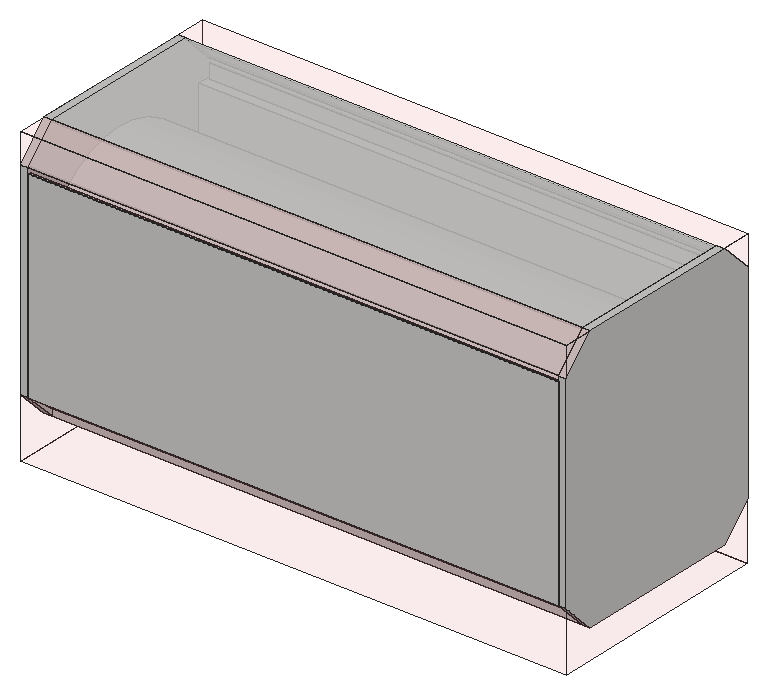
Revit family "Air-Curtain_Climate-Control_PoweredAire_ECE-E", category Mechanical Equipment, host Face, Revit 2020
Family settings
  Host = Face
  Round Connector Dimension = Use Diameter
  Part Type = Normal
  OmniClass Number = 23.75.35.17.21
  OmniClass Title = Air Curtains
  Cut with Voids When Loaded = No
  Shared = No
  Room Calculation Point = No
Parameters
  Warranty Duration (Years) = 0
  Unit Width Notes = "Other Widths available."  # constant formula
  Unit Width = 3' - 0"
  Unit Weight = 0
  Unit Height = 1' - 3"
  Unit Depth = 1' - 5 1/2"
  URL = "http://www.poweredaire.com/"
  Test Data = ""
  Temperature Rise_Range = "as Specified"
  Standards Conformance = "as Specified"
  Specification = "http://www.arcat.com/sdspecs/htm04/23_34_33pai.htm"
  SpecWizard = ""
  Sound Pressure = "as Specified"
  Sales Information = "http://www.poweredaire.com/contact_us"
  Revision = "R1_2016-08"
  Projection from Host [instance] = 0' - 2"
  Product Properties = ""
  Product Data = "http://www.arcat.com/arcatcos/cos47/arc47623.html"
  Power Rating = 0 W
  Outlet Volume_Range = "as Specified"
  Outlet Velocity_Range = "as Specified"
  Nozzle Width = if(1 = 1, Unit Width - 0' 1", 0' 0")  # 2' - 11"
  Mounting Width = if(1 = 1, Unit Width - 0' 0 15/16", 0' 0")  # 2' - 11 1/16"
  Mounting Height [instance] = 3' - 6"
  Motor RPM = 0
  Motor HP = 0
  Motor Count = 0
  Model = "As Specified"
  Max Height = 0' - 0"
  Manufacturer Website = "http://www.poweredaire.com/"
  Manufacturer Phone - Toll Free = "888-321-2473"
  Manufacturer Phone = "724-588-3305"
  Manufacturer Fax = "724-588-3371"
  Manufacturer Address = "109 Mortensen Rd.  Greenville, PA 16125"
  Manufacturer = "Powered Aire, Inc"
  Maintenance Schedule (Months) = 0
  Keynote = "23 34 33"
  Installation-Fabrication = ""
  Installation Phase = ""
  Include Clearance [instance] = yes
  Heating Element Load = 0 W
  HVAC_Temperature Rise [instance] = 0 °F
  HVAC_Outlet Volume [instance] = 0 CFM
  HVAC_Outlet Velocity Uniformity = 0
  HVAC_Outlet Velocity [instance] = 0 FPM
  Green Building-LEED = "http://www.arcat.com/green/clients/leed_data_47623.html"
  Front Grating Material [instance] = Metal - Steel - PoweredAire - Stainless 304 Perforated
  Frame Finish [instance] = Metal - Steel - PoweredAire - Stainless 304
  Expected Lifespan (Years) = 0
  Electrical_Wattage [instance] = Power Rating + Heating Element Load  # 0 W
  Electrical_Voltage [instance] = 0 V
  Electrical_Phase [instance] = 1
  Electrical_Frequency [instance] = 0 Hz
  Electrical_Amperage [instance] = 0 A
  Drawn By = "Sumex Design, Inc. / Robert S. Weygant, CSI, CDT, SCIP"
  Description = "Powered Aire Air Curtain as Specified"
  Default Elevation = 0' - 0"  # constant formula
  Copyright = "©Arcat Inc."
  Construction Details = "http://www.arcat.com/details/powair/prod3336.html"
  Clearance_Top [instance] = 0' - 0"
  Clearance_Side B [instance] = 0' - 0"
  Clearance_Side A [instance] = 0' - 0"
  Clearance_Intake [instance] = 0' - 0"
  Clearance_Bottom [instance] = 0' - 0"
  Clearance Material [instance] = ARCAT Clearance
  Building Codes = ""
  Available Options [instance] = "as Specified"
  Assembly Code = "D3090400"
Reference planes (in)
  plane 1 "Center (Elevation)": y = 0.13818
  plane 2: z = 0
  plane 3 "Center (Left/Right)": x = 0
  plane 4: y = 7.63818
  plane 5: y = -7.36182
  plane 6: x = -18
  plane 7: x = 18
  plane 8: z = 19.5
  plane 9 "FF": y = -41.86182
  plane 10: z = 2
  plane 11: x = 17.5
  plane 12: x = -17.5
  plane 13: y = 7.63818
  plane 14: y = -7.36182
  plane 15: x = -18
  plane 16: x = 18
  plane 17: z = 19.5
Forms (in)
  Extrusion 1, solid, material "Metal - Steel - PoweredAire - Stainless 304" <- "Frame Finish"
    sketch origin (0, 0, 0) x (0, 1, 0) y (0, 0, 1)
      loop
        line (5.69363, 2) -> (7.63818, 3.94454) -> (7.63818, 17.55546) -> (5.69363, 19.5) -> (-5.41728, 19.5) -> (-7.36182, 17.55546) -> (-7.36182, 3.94454) -> (-5.41728, 2) -> (5.69363, 2)
    from 17.5 to 18
  Extrusion 2, solid, material "Metal - Steel - PoweredAire - Stainless 304" <- "Frame Finish"
    sketch origin (0, 0, -0.5) x (0, 1, 0) y (0, 0, 1)
      loop
        circle (0.13818, 10.9739) r 6.25
      loop
        line (6.63818, 16.89427) -> (6.63818, 5.87829) -> (7.33849, 5.87829) -> (7.33849, 16.89427) -> (6.63818, 16.89427)
      loop
        line (-7.02798, 16.76927) -> (-7.02798, 5.75329) -> (-6.36182, 5.75329) -> (-6.36182, 16.76927) -> (-7.02798, 16.76927)
    from -17.5 to 17.5
  Extrusion 3, solid, material "Metal - Steel - PoweredAire - Stainless 304" <- "Frame Finish"
    sketch origin (0, 0, 0) x (0, 1, 0) y (0, 0, -1)
      loop
        line (5.69363, -2) -> (-5.41728, -2) -> (-7.36182, -3.94454) -> (-7.36182, -17.55546) -> (-5.41728, -19.5) -> (5.69363, -19.5) -> (7.63818, -17.55546) -> (7.63818, -3.94454) -> (5.69363, -2)
    from 17.5 to 18
  Extrusion 4, solid, material "Metal - Steel - PoweredAire - Stainless 304" <- "Frame Finish"
    sketch origin (0, 0, 0) x (0, 1, 0) y (0, 0, 1)
      loop
        line (-5.41728, 2) -> (5.69363, 2) -> (7.63818, 3.94454) -> (7.63818, 17.19454) -> (7.51318, 17.19454) -> (7.51318, 3.99632) -> (5.64186, 2.125) -> (-5.29228, 2.125) -> (-5.29228, 4.06954) -> (-7.23682, 4.06954) -> (-7.23682, 17.19454) -> (-7.36182, 17.19454) -> (-7.36182, 3.94454) -> (-5.41728, 3.94454) -> (-5.41728, 2)
      loop
        line (-6.64819, 3.61034) -> (-5.8702, 2.83235) -> (-5.74472, 2.95783) -> (-6.52271, 3.73583) -> (-6.64819, 3.61034)
    from -17.5 to 17.5
  Extrusion 5, solid, material "Metal - Steel - PoweredAire - Stainless 304 Perforated" <- "Front Grating Material"
    sketch origin (0, 0, 0) x (0, 1, 0) y (0, 0, 1)
      loop
        line (-7.36182, 17.19454) -> (-7.23682, 17.19454) -> (-7.23682, 17.50368) -> (-5.3655, 19.375) -> (5.64186, 19.375) -> (7.51318, 17.50368) -> (7.51318, 17.19454) -> (7.63818, 17.19454) -> (7.63818, 17.55546) -> (5.69363, 19.5) -> (-5.41728, 19.5) -> (-7.36182, 17.55546) -> (-7.36182, 17.19454)
    from -17.5 to 17.5
  Extrusion 6, solid, material "ARCAT Clearance" <- "Clearance Material", visible <- "Include Clearance"
    sketch origin (0, 0, 0) x (0, 1, 0) y (0, 0, 1)
      loop
        line (-7.36182, 19.5) -> (-7.36182, 0) -> (7.63818, 0) -> (7.63818, 19.5) -> (-7.36182, 19.5)
    from -18 to 18
Dimensions and locks (in)
  equal spacing: plane 4, plane 1 "Center (Elevation)", plane 5
  "Unit Height": plane 4 to plane 5
  equal spacing: plane 6, plane 3 "Center (Left/Right)", plane 7
  "Unit Width": plane 6 to plane 7
  "Mounting Height": plane 1 "Center (Elevation)" to plane 9 "FF"
  "Projection from Host": plane 10 to level
  "Unit Depth": plane 8 to plane 10
  locked: plane 6 to plane 12 at 0.5
  locked: plane 11 to plane 7 at 0.5
  "Clearance_Side A": plane 7 to plane 16
  "Clearance_Side B": plane 15 to plane 6
  "Clearance_Top": plane 13 to plane 4
  "Clearance_Bottom": plane 5 to plane 14
  "Clearance_Intake": plane 17 to plane 8
  aligned and locked: plane 2 to host face
  aligned and locked: level to host face
  aligned and locked: plane 7 to Extrusion 1
  aligned and locked: Extrusion 1 to plane 11
  aligned and locked: plane 12 to Extrusion 3
  aligned and locked: Extrusion 3 to plane 6
  aligned and locked: Extrusion 2 to plane 12
  aligned and locked: plane 11 to Extrusion 2
  aligned and locked: plane 11 to Extrusion 4
  aligned and locked: Extrusion 4 to plane 12
  aligned and locked: plane 11 to Extrusion 5
  aligned and locked: Extrusion 5 to plane 12
  aligned and locked: Extrusion 6 sketch curve to plane 17
  aligned and locked: plane 14 to Extrusion 6 sketch curve
  aligned and locked: level to Extrusion 6 sketch curve
  aligned and locked: Extrusion 6 sketch curve to plane 13
  aligned and locked: plane 16 to Extrusion 6
  aligned and locked: Extrusion 6 to plane 15
Automatic sketch dimensions
  host sketch curve to host sketch curve = 8' - 0"  (x2)
  Extrusion 1 sketch curve to plane 5 = 0' - 0"
  Extrusion 1 sketch curve to plane 8 = 0' - 0"
  Extrusion 1 sketch curve to plane 10 = 0' - 0"
  Extrusion 1 sketch curve to plane 4 = 0' - 0"
  plane 5 to Extrusion 1 sketch curve = 0' - 1.94454"  (x2)
  Extrusion 1 sketch curve to plane 4 = 0' - 1.94454"  (x2)
  plane 10 to Extrusion 1 sketch curve = 0' - 1.94454"  (x2)
  Extrusion 1 sketch curve to plane 8 = 0' - 1.94454"  (x2)
  Extrusion 2 sketch curve to plane 1 "Center (Elevation)" = 0' - 0"
  plane 5 to Extrusion 2 sketch curve = 0' - 1"
  plane 5 to Extrusion 2 sketch curve = 0' - 0.33384"
  Extrusion 2 sketch curve to plane 4 = 0' - 1"
  Extrusion 2 sketch curve to plane 4 = 0' - 0.29969"
  plane 10 to Extrusion 2 sketch curve = 0' - 3.37829"
  plane 10 to Extrusion 2 sketch curve = 0' - 3.25329"
  Extrusion 2 sketch curve to plane 8 = 0' - 9.0261"
  Extrusion 2 sketch curve to plane 8 = 0' - 3.23073"
  Extrusion 2 sketch curve to plane 8 = 0' - 3.10573"
  Extrusion 3 sketch curve to plane 5 = 0' - 0"
  Extrusion 3 sketch curve to plane 8 = 0' - 0"
  Extrusion 3 sketch curve to plane 10 = 0' - 0"
  Extrusion 3 sketch curve to plane 4 = 0' - 0"
  plane 5 to Extrusion 3 sketch curve = 0' - 1.94454"  (x2)
  Extrusion 3 sketch curve to plane 4 = 0' - 1.94454"  (x2)
  Extrusion 3 sketch curve to plane 8 = 0' - 1.94454"  (x2)
  plane 10 to Extrusion 3 sketch curve = 0' - 1.94454"  (x2)
  Extrusion 4 sketch curve to plane 5 = 0' - 0"
  Extrusion 4 sketch curve to plane 10 = 0' - 0"
  Extrusion 4 sketch curve to plane 4 = 0' - 0"
  plane 5 to Extrusion 4 sketch curve = 0' - 0 1/8"
  plane 5 to Extrusion 4 sketch curve = 0' - 0.71363"
  Extrusion 4 sketch curve to Extrusion 4 sketch curve = 0' - 0.12548"  (x2)
  Extrusion 4 sketch curve to Extrusion 4 sketch curve = 0' - 0.778"
  Extrusion 4 sketch curve to Extrusion 4 sketch curve = 0' - 0.32744"
  Extrusion 4 sketch curve to Extrusion 4 sketch curve = 0' - 0 1/8"  (x2)
  plane 10 to Extrusion 4 sketch curve = 0' - 0 1/8"
  Extrusion 4 sketch curve to plane 4 = 0' - 1.99632"
  Extrusion 4 sketch curve to Extrusion 4 sketch curve = 0' - 0.05178"  (x2)
  plane 10 to Extrusion 4 sketch curve = 0' - 0.83235"
  plane 10 to Extrusion 4 sketch curve = 0' - 1.94454"
  Extrusion 4 sketch curve to Extrusion 4 sketch curve = 0' - 0.3342"
  Extrusion 4 sketch curve to plane 4 = 0' - 0 1/8"
  Extrusion 4 sketch curve to plane 8 = 0' - 2.30546"  (x2)
  Extrusion 5 sketch curve to plane 5 = 0' - 0"
  Extrusion 5 sketch curve to plane 8 = 0' - 0"
  Extrusion 5 sketch curve to plane 4 = 0' - 0"
  plane 5 to Extrusion 5 sketch curve = 0' - 0 1/8"
  plane 5 to Extrusion 5 sketch curve = 0' - 1.94454"
  Extrusion 5 sketch curve to plane 8 = 0' - 0 1/8"
  Extrusion 5 sketch curve to Extrusion 5 sketch curve = 0' - 0.05178"  (x4)
  Extrusion 5 sketch curve to plane 4 = 0' - 1.99632"
  Extrusion 5 sketch curve to plane 8 = 0' - 1.94454"  (x2)
  Extrusion 5 sketch curve to Extrusion 5 sketch curve = 0' - 0 1/8"
  Extrusion 5 sketch curve to Extrusion 5 sketch curve = 0' - 0.30914"  (x2)
  radius of Extrusion 2 sketch curve = 0' - 6 1/4"
Connectors (in)
  electrical at (0, 7.63818, 10.56954), driven by "Electrical_Phase", driven by "Electrical_Voltage"
    settings: on Extrusion 4, index 1, voltage 0 V, apparent load 0 VA, apparent load phase1 0 VA, apparent load phase2 0 VA, apparent load phase3 0 VA, power factor 1, load classification "Motor", number of poles 1, system type 31, power factor state 1, is connector primary yes, connector utility no, sub classification motor no, connector description ""
